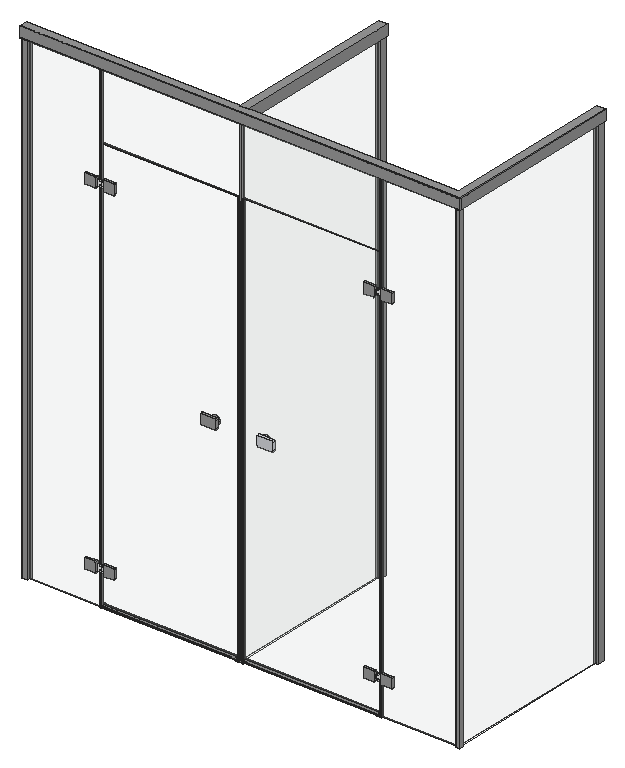
Revit family "Sanitary_Bath-screens_Modular system_Duscholux_SYSTEM210_S21-B", category Aparatos sanitarios, Revit 2019 (continued)
Types (22, lengths in mm): name | Uper profile guide | Handle Material | Frame Material | Accesories Material
  Platinum Aluminium Finish Superior guide Metal gray PanElle | PanElle Metal Gray_Duscholux Material | Anodized Aluminium_Duscholux Material-Platinum Finish | Anodized Aluminium_Duscholux Material-Platinum Finish | Anodized Aluminium_Duscholux Material-Platinum Finish
  Platinum Aluminium Finish Superior guide Concrete PanElle | PanElle Concrete_Duscholux Material | Anodized Aluminium_Duscholux Material-Platinum Finish | Anodized Aluminium_Duscholux Material-Platinum Finish | Anodized Aluminium_Duscholux Material-Platinum Finish
  Platinum Aluminium Finish Superior guide Graphite PanElle | PanElle Graphite_DuscholuxMaterial | Anodized Aluminium_Duscholux Material-Platinum Finish | Anodized Aluminium_Duscholux Material-Platinum Finish | Anodized Aluminium_Duscholux Material-Platinum Finish
  Platinum Aluminium Finish Superior guide Quartz PanElle | PanElle Quartz_DuscholuxMaterial | Anodized Aluminium_Duscholux Material-Platinum Finish | Anodized Aluminium_Duscholux Material-Platinum Finish | Anodized Aluminium_Duscholux Material-Platinum Finish
  Platinum Aluminium Finish Superior guide White PanElle | PanElle White_Duscholux Material | Anodized Aluminium_Duscholux Material-Platinum Finish | Anodized Aluminium_Duscholux Material-Platinum Finish | Anodized Aluminium_Duscholux Material-Platinum Finish
  Matte Silver Aluminium Finish | Anodized Aluminium_Duscholux Material-Matte Silver Finish | Anodized Aluminium_Duscholux Material-Matte Silver Finish | Anodized Aluminium_Duscholux Material-Matte Silver Finish | Anodized Aluminium_Duscholux Material-Matte Silver Finish
  Matte Silver Aluminium Finish Superior guide Basalt gray PanElle | PanElle Basalt Gray_Duscholux Material | Anodized Aluminium_Duscholux Material-Matte Silver Finish | Anodized Aluminium_Duscholux Material-Matte Silver Finish | Anodized Aluminium_Duscholux Material-Matte Silver Finish
  Matte Silver Aluminium Finish Superior guide Metal gray PanElle | PanElle Metal Gray_Duscholux Material | Anodized Aluminium_Duscholux Material-Matte Silver Finish | Anodized Aluminium_Duscholux Material-Matte Silver Finish | Anodized Aluminium_Duscholux Material-Matte Silver Finish
  Matte Silver Aluminium Finish Superior guide Concrete PanElle | PanElle Concrete_Duscholux Material | Anodized Aluminium_Duscholux Material-Matte Silver Finish | Anodized Aluminium_Duscholux Material-Matte Silver Finish | Anodized Aluminium_Duscholux Material-Matte Silver Finish
  Matte Silver Aluminium Finish Superior guide Graphite PanElle | PanElle Graphite_DuscholuxMaterial | Anodized Aluminium_Duscholux Material-Matte Silver Finish | Anodized Aluminium_Duscholux Material-Matte Silver Finish | Anodized Aluminium_Duscholux Material-Matte Silver Finish
  Matte Silver Aluminium Finish Superior guide Quartz PanElle | PanElle Quartz_DuscholuxMaterial | Anodized Aluminium_Duscholux Material-Matte Silver Finish | Anodized Aluminium_Duscholux Material-Matte Silver Finish | Anodized Aluminium_Duscholux Material-Matte Silver Finish
  Matte Silver Aluminium Finish Superior guide White PanElle | PanElle White_Duscholux Material | Anodized Aluminium_Duscholux Material-Matte Silver Finish | Anodized Aluminium_Duscholux Material-Matte Silver Finish | Anodized Aluminium_Duscholux Material-Matte Silver Finish
